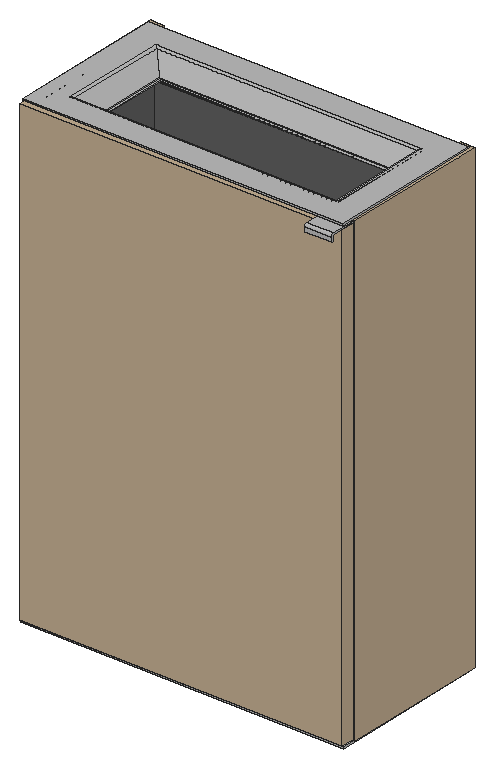
Revit family "Magnuson-Valuta-Laminate_L_VA1809L_JR_WALL-1", category Furniture, Revit 2021
Family settings
  Work Plane-Based = No
  Always vertical = Yes
  Cut with Voids When Loaded = No
  Shared = No
  Room Calculation Point = No
Parameters (values of type "L-VA1809L-JR")
  Width = 9 1/8"
  URL = "www.magnusongroup.com"
  Type Comments = "Valuta"  # constant formula
  Top Finish = MAG - Anodized Silver
  Sustainability = "https://magnusongroup.com/contactus/sustainability.html"
  Revit File Built By = "https://servex-us.com/servex-revit/"
  Model = "L-VA1809L-JR"
  Manufacturer = "Magnuson Group"  # constant formula
  Pull Finish = MAG - Anodized Silver
  Liner Finish = MAG - Plastic Black
  Lid Opening [instance] = Opening : 1. Waste
  Keynote = "12500"
  Height = 26"
  Door Finish = MAG - Oak
  Description = "Wall mounted junior height Laminate 14 gallon body receptacle with internal rigid liner and front access opening."
  Depth = 18"
  Default Elevation = 0"
  Cost = 0  # constant formula
  Body Finish = MAG - Oak
  Base Finish = MAG - Anodized Silver
  Assembly Code = "E2020200"
Reference planes (in)
  plane 1 "Center (Front/Back)": y = 0
  plane 2: z = 0
  plane 3 "Center (Left/Right)": x = 0
  plane 4: z = 29.0967554
  plane 5: z = 3.0968061
  plane 6: z = 3.1568061
  plane 7: z = 19
  plane 8: z = 29.0328552
  plane 9: y = -9.1249999
  plane 10: x = -9.0000077
  plane 11: x = 9.0000077
Forms (in)
  Extrusion 1, solid, material "MAG - Anodized Silver" <- "Base Finish"
    sketch origin (0, -4.5962484, 1.7316035) x (0, -1, 0) y (1, 0, 0)
      loop
        line (-4.465, 8.965) -> (-4.465, -8.965) -> (4.465, -8.965) -> (4.465, 8.965) -> (-4.465, 8.965)
    from 1.3652026 to 1.4252026
  Sweep 2, solid, material "MAG - Anodized Silver" <- "Top Finish"
    path origin (0, -4.5962484, 27.7394795) x (0, -1, 0) y (1, 0, 0)
      loop
        line (-4.46875, 8.8984375) -> (-4.46875, -8.8984375) -> (4.4779029, -8.8984375) -> (4.4779029, 8.8984375) -> (-4.46875, 8.8984375)
    profile origin (0, -0.1274984, 27.7394795) x (0, -1, 0) y (0, 0, 1)
      loop
        line (0.0937494, 1.357276) -> (0.0937494, 1.294776) -> (1.4922066, 1.294776) -> (2.2675205, 0.357276) -> (2.3862359, 0.357276) -> (2.3862359, 0.3931762) -> (1.6451651, 1.2892697)
        arc (1.6451651, 1.2892697) -> (1.5805219, 1.3394246) -> (1.5006747, 1.357276) r 0.1875
        line (1.5006747, 1.357276) -> (0.0937494, 1.357276)
  Extrusion 3, solid, material "MAG - Oak" <- "Body Finish"
    sketch origin (0, -4.5962484, 0) x (1, 0, 0) y (0, 1, 0)
      loop
        line (-9.0000077, 4.5962484) -> (-9.0000077, -3.7187515) -> (-8.2500077, -3.7187515) -> (-8.2500077, 4.5962484) -> (-9.0000077, 4.5962484)
      loop
        line (9.0000077, 4.5962484) -> (8.2500077, 4.5962484) -> (8.2500077, -3.7187515) -> (9.0000077, -3.7187515) -> (9.0000077, 4.5962484)
    from 3.1568061 to 29.0328552
  Extrusion 4, solid, material "MAG - Oak" <- "Body Finish"
    sketch origin (0, -4.5962484, 0) x (1, 0, 0) y (0, 1, 0)
      loop
        line (-8.2500077, 4.2812462) -> (-8.2500077, 3.5312462) -> (8.2500077, 3.5312462) -> (8.2500077, 4.2812462) -> (-8.2500077, 4.2812462)
    from 3.1568061 to 29.0328552
  Extrusion 5, solid, material "MAG - Oak" <- "Door Finish"
    sketch origin (0, -4.5962484, 0) x (1, 0, 0) y (0, 1, 0)
      loop
        line (-8.9375036, -3.7787515) -> (-8.9375036, -4.5287515) -> (8.9375079, -4.5287515) -> (8.9375079, -3.7787515) -> (-8.9375036, -3.7787515)
    from 3.2164051 to 28.904362
  Extrusion 6, solid, material "MAG - Anodized Silver" <- "Pull Finish"
    sketch origin (0, -4.5362483, 0.0595021) x (0, 1, 0) y (0, 0, 1)
      loop
        line (-5.2137516, 28.5298613) -> (-5.2137516, 28.7443316)
        arc (-5.2137516, 28.7443316) -> (-5.1843075, 28.8154159) -> (-5.1132233, 28.8448599) r 0.1005282
        line (-5.1132233, 28.8448599) -> (-3.8387516, 28.8448599) -> (-3.8387516, 27.9048613) -> (-3.7787515, 27.9048613) -> (-3.7787515, 28.904362) -> (-5.1175016, 28.904362)
        arc (-5.1175016, 28.904362) -> (-5.227987, 28.8585974) -> (-5.2737516, 28.748112) r 0.15625
        line (-5.2737516, 28.748112) -> (-5.2737516, 28.5298613) -> (-5.2137516, 28.5298613)
    from 7.4074956 to 8.9062506
  Sweep 7, solid, material "MAG - Plastic Black" <- "Liner Finish"
    path origin (-28.9999923, -4.5962484, 0) x (1, 0, 0) y (0, 1, 0)
      loop
        line (21.7454838, 2.6513885) -> (21.7454838, -2.8218166) -> (36.2545008, -2.8218166) -> (36.2545008, 2.6513885) -> (21.7454838, 2.6513885)
    profile origin (0, -1.9448599, 0) x (0, 1, 0) y (0, 0, 1)
      loop
        line (0, 3.928405) -> (0, 27.657859) -> (-0.13, 27.657859) -> (-0.13, 3.933405) -> (-2.625, 3.933405) -> (-2.625, 3.803405) -> (-0.125, 3.803405)
        arc (-0.125, 3.803405) -> (-0.0366117, 3.8400167) -> (0, 3.928405) r 0.125
  Extrusion 8, solid, material "MAG - Plastic Black" <- "Liner Finish"
    sketch origin (0, -4.5962484, 0) x (1, 0, 0) y (0, 1, 0)
      loop
        line (-4.6295085, -0.1968166) -> (4.6295085, -0.1968166) -> (4.6295085, 0.0263885) -> (-4.6295085, 0.0263885) -> (-4.6295085, -0.1968166)
    from 3.803405 to 3.933405
  Extrusion 9, solid, material "MAG - Anodized Silver" <- "Top Finish"
    sketch origin (0, 0, 0) x (1, 0, 0) y (0, 0, 1)
      loop
        line (-8.8046881, 29.0967554) -> (-8.8988928, 29.0967554) -> (-8.8988928, 29.0342554) -> (-8.8046881, 29.0342554) -> (-8.8046881, 29.0967554)
      loop
        line (8.8046881, 29.0967554) -> (8.8046881, 29.0342554) -> (8.8511079, 29.0342554) -> (8.8511079, 29.0967554) -> (8.8046881, 29.0967554)
    from 0.2212478 to 8.9804019
Cuts and joins
  joined: Sweep 7, Extrusion 8
  joined: Sweep 2, Extrusion 9
Lines and regions (in)
  symbolic lines
    curve 1: line (-9.0000077, 0, 0) -> (9.0000077, 0, 0)
    curve 2: line (-9.0000077, -9.1249999, 0) -> (-9.0000077, 0, 0)
    curve 3: line (9.0000077, -9.1249999, 0) -> (-9.0000077, -9.1249999, 0)
    curve 4: line (9.0000077, 0, 0) -> (9.0000077, -9.1249999, 0)
    curve 5: line (8.9062506, -9.8099999, 0) -> (8.9062506, -9.1249999, 0)
    curve 6: line (8.9062506, -9.8099999, 0) -> (7.4074956, -9.8099999, 0)
    curve 7: line (7.4074956, -9.8099999, 0) -> (7.4074956, -9.1249999, 0)
    curve 8: line (7.4993247, -7.5955645, 0) -> (-7.4993247, -7.5955645, 0)
    curve 9: line (7.4993247, -1.5969323, 0) -> (7.4993247, -7.5955645, 0)
    curve 10: line (-7.4993247, -1.5969323, 0) -> (7.4993247, -1.5969323, 0)
    curve 11: line (-7.4993247, -7.5955645, 0) -> (-7.4993247, -1.5969323, 0)
    curve 12: line (-6.5108067, -2.5137343, 0) -> (6.5108163, -2.5137343, 0)
    curve 13: line (-6.5108067, -6.6879154, 0) -> (-6.5108067, -2.5137343, 0)
    curve 14: line (6.5108163, -6.6879154, 0) -> (-6.5108067, -6.6879154, 0)
    curve 15: line (6.5108163, -2.5137343, 0) -> (6.5108163, -6.6879154, 0)
  symbolic lines, style "FurnitureHiddenLines", detail levels medium+fine
    curve 16: line (-7.2545085, -1.9448599, 0) -> (7.2562031, -1.9448599, 0)
    curve 17: line (-7.2545085, -7.4197497, 0) -> (-7.2545085, -1.9448599, 0)
    curve 18: line (7.2562031, -7.4197497, 0) -> (-7.2545085, -7.4197497, 0)
    curve 19: line (7.2562031, -1.9448599, 0) -> (7.2562031, -7.4197497, 0)
    curve 20: line (7.1245085, -7.288065, 0) -> (-7.1245085, -7.288065, 0)
    curve 21: line (7.1245085, -2.0748599, 0) -> (7.1245085, -7.288065, 0)
    curve 22: line (-7.1245085, -2.0748599, 0) -> (7.1245085, -2.0748599, 0)
    curve 23: line (-7.1245085, -7.288065, 0) -> (-7.1245085, -2.0748599, 0)
Dimensions and locks (in)
  locked: plane 7 to level at 19
  plane 6 to plane 5 to plane 2 = 0.06", 3.09681"
  plane 4 to plane 5 = 25.99995"
  locked: plane 4 to plane 8 at 0.0639003
  plane 10 to plane 11 = 18"
  plane 1 "Center (Front/Back)" to plane 9 = 9 1/8"
  aligned and locked: plane 2 to level
  aligned and locked: Extrusion 1 to plane 5
  aligned and locked: plane 6 to Extrusion 1
  aligned and locked: plane 8 to Extrusion 3
  aligned and locked: Sweep 7 to Extrusion 8  (x2)
Nested families (in)
  nested 1: "Opening" at (0, -4.5962484, 3.3297753) x (0, -1, 0) z (0, 0, 1), Width <- "Width", Depth <- "Depth", Top Finish <- "Top Finish", type <- "Lid Opening", type "1. Waste"
    with Width Waste 0", Width Sec 45° 60", Width Sec 50", Width Paper 45° 40", Width Paper 30", Width Circle 25", Width 9 1/8", W Wasted 11 1/16", Top Finish MAG - Anodized Silver, P2 no, P1 no, Linea PC45° 20", Linea PC 30", Height 26 1/8", Dist Waste 30", Dist Sec 45° 10", Dist Sec 10", Dist Paper 45° 10", Dist Paper 10", Dist Circle 10", Depth 18", D Wasted 11 1/16", C1 no
Definition of nested family "Opening"
  Parameters (values of type "1. Waste")
    Width Waste [instance] = if(Waste, 0", 15")  # 0"
    Width Sec 45° [instance] = if(Security 45°, 0", 60")  # 60"
    Width Sec [instance] = if(Security, 0", 50")  # 50"
    Width Paper 45° [instance] = if(or([Paper 45°/Circle], Paper 45°), 0", 40")  # 40"
    Width Paper [instance] = if(or([Paper/Circle], Paper), 0", 30")  # 30"
    Width Circle [instance] = if(or([Paper/Circle], [Paper 45°/Circle], Circle), 0", 25")  # 25"
    Width [instance] = 18"
    Waste = yes
    W Wasted [instance] = if(and(Width = 14", Depth = 18"), 7 1/8", 11 1/16")  # 11 1/16"
    Top Finish [instance] = none
    Security 45° = no
    Security = no
    Paper 45°/Circle = no
    Paper 45° = no
    P2 [instance] = Paper  # no
    P1 [instance] = Paper 45°  # no
    Linea PC45° [instance] = if([Paper 45°/Circle], 0", 20")  # 20"
    Linea PC [instance] = if([Paper/Circle], 0", 30")  # 30"
    Laminate = yes
    URL = ""
    Type Comments = ""
    Paper/Circle = no
    Paper = no
    Model = ""
    Manufacturer = ""
    Keynote = ""
    Height [instance] = 26 1/8"
    Dist Waste [instance] = if(Waste, 30", 10")  # 30"
    Dist Sec 45° [instance] = if(Security 45°, 30", 10")  # 10"
    Dist Sec [instance] = if(Security, 30", 10")  # 10"
    Dist Paper [instance] = if(or([Paper/Circle], Paper), 30", 10")  # 10"
    Dist Paper 45° [instance] = if(or([Paper 45°/Circle], Paper 45°), 30", 10")  # 10"
    Dist Circle [instance] = if(or([Paper/Circle], [Paper 45°/Circle], Circle), 30", 10")  # 10"
    Description = ""
    Depth [instance] = 18"
    Default Elevation = 0"
    D Wasted [instance] = if(and(Width = 14", Depth = 18"), 11 1/4", 11 1/16")  # 11 1/16"
    Cost = 0  # constant formula
    Circle = no
    C1 [instance] = and(Circle)  # no
    Assembly Code = ""
  Types (4): name | Width Waste | Width Paper | Width Circle | Waste | P2 | Linea PC | Paper/Circle | Paper | Dist Waste | Dist Paper | Dist Circle | Circle | C1
    4. Paper/Circle | 15" | 0" | 0" | no | no | 0" | yes | no | 10" | 30" | 30" | no | no
    3. Circle | 15" | 30" | 0" | no | no | 30" | no | no | 10" | 10" | 30" | yes | yes
    2. Paper | 15" | 0" | 25" | no | yes | 30" | no | yes | 10" | 30" | 10" | no | no
    1. Waste | 0" | 30" | 25" | yes | no | 30" | no | no | 30" | 10" | 10" | no | no
  Reference planes (in)
    plane 1 "Center (Front/Back)": y = 0
    plane 2: z = 0
    plane 3 "Center (Left/Right)": x = 0
    plane 4: y = -9
    plane 5: y = 9
    plane 6: x = -9
    plane 7: x = 9
    plane 8: z = 26.125
    plane 9: z = 3
    plane 10: x = 40
    plane 11: x = 30
    plane 12: x = 25
    plane 13: x = 0
    plane 14: x = -20
    plane 15: x = -30
    plane 16: x = 50
    plane 17: x = 60
  Forms (in)
    Extrusion 1, solid, material <- "Top Finish", visible <- "Laminate"
      sketch origin (0, 0, 0) x (1, 0, 0) y (0, 1, 0)
        loop
          line (-6.7963786, 6.7963786) -> (-6.7963786, -6.7963786) -> (6.7963786, -6.7963786) -> (6.7963786, 6.7963786) -> (-6.7963786, 6.7963786)
      from 24.767724 to 24.8028803
    Extrusion 2, void
      sketch origin (0, 0, 0) x (1, 0, 0) y (0, 1, 0)
        loop
          circle (25, 0) r 1.875
      from 3 to 13
    Extrusion 3, void
      sketch origin (-27, 0, 0) x (1, 0, 0) y (0, 1, 0)
        loop
          line (61.6736769, 3.9121095) -> (70.9121095, -5.3263231) -> (72.5242717, -5.5242717) -> (72.3263231, -3.9121095) -> (63.0878905, 5.3263231) -> (61.4757283, 5.5242717) -> (61.6736769, 3.9121095)
      from 3 to 13
    Extrusion 4, void
      sketch origin (35, 0, 0) x (1, 0, 0) y (0, 1, 0)
        loop
          line (-6, 6) -> (-6, -6) -> (-4, -6) -> (-4, 6) -> (-6, 6)
      from 3 to 13
    Extrusion 5, void
      sketch origin (26, 0, 0) x (1, 0, 0) y (0, 1, 0)
        loop
          line (-27.9168576, 6.346472) -> (-27.9168576, -6.346472) -> (-24.0831424, -6.346472) -> (-24.0831424, 6.346472) -> (-27.9168576, 6.346472)
      from 3 to 33
    Extrusion 6, void
      sketch origin (0, 0, 0) x (1, 0, 0) y (0, 1, 0)
        loop
          line (49.75, 5.5) -> (49.75, -5.5) -> (50.25, -5.5) -> (50.25, 5.5) -> (49.75, 5.5)
      from 3 to 13
    Extrusion 7, void
      sketch origin (0, 0, 0) x (1, 0, 0) y (0, 1, 0)
        loop
          line (54.8669693, 4.7765788) -> (64.7663026, -5.1227545) -> (65.1330519, -5.1337389) -> (65.1220675, -4.7669896) -> (55.2234212, 5.1330307) -> (54.8669693, 5.1330307) -> (54.8669693, 4.7765788)
      from 3 to 13
  Cuts and joins
    Extrusion 2, Extrusion 3, Extrusion 4, Extrusion 5, Extrusion 6, Extrusion 7 cuts Extrusion 1
  Lines and regions (in)
    symbolic lines, visible <- "Paper 45°/Circle"
      curve 1: line (-25.5242717, 5.5242717, 0) -> (-25.3263231, 3.9121095, 0)
      curve 2: line (-25.3263231, 3.9121095, 0) -> (-22.032932, 0.6187184, 0)
      curve 3: line (-23.9121095, 5.3263231, 0) -> (-25.5242717, 5.5242717, 0)
      curve 4: line (-14.6736769, -3.9121095, 0) -> (-17.967068, -0.6187184, 0)
      curve 5: arc (-22.032932, 0.6187184, 0) -> (-21.5026019, -1.5026019, 0) -> (-19.3812816, -2.032932, 0) r 2.125
      curve 6: arc (-17.967068, -0.6187184, 0) -> (-18.4973981, 1.5026019, 0) -> (-20.6187184, 2.032932, 0) r 2.125
      curve 7: line (-16.0878905, -5.3263231, 0) -> (-14.4757283, -5.5242717, 0)
      curve 8: line (-14.4757283, -5.5242717, 0) -> (-14.6736769, -3.9121095, 0)
      curve 9: line (-19.3812816, -2.032932, 0) -> (-16.0878905, -5.3263231, 0)
      curve 10: line (-20.6187184, 2.032932, 0) -> (-23.9121095, 5.3263231, 0)
    symbolic lines, visible <- "Paper/Circle"
      curve 11: line (-31, 1.5860722, 0) -> (-31, 6, 0)
      curve 12: line (-31, 6, 0) -> (-29, 6, 0)
      curve 13: line (-29, 6, 0) -> (-29, 1.5860722, 0)
      curve 14: line (-29, -1.5860722, 0) -> (-29, -6, 0)
      curve 15: line (-29, -6, 0) -> (-31, -6, 0)
      curve 16: line (-31, -6, 0) -> (-31, -1.5860722, 0)
      curve 39: arc (-31, 1.5860722, 0) -> (-31.875, 0, 0) -> (-31, -1.5860722, 0) r 1.875
      curve 40: arc (-29, -1.5860722, 0) -> (-28.125, 0, 0) -> (-29, 1.5860722, 0) r 1.875
    symbolic lines, visible <- "C1"
      curve 17: arc (26.875, 0, 0) -> (25, 1.875, 0) -> (23.125, 0, 0) r 1.875
      curve 18: arc (23.125, 0, 0) -> (25, -1.875, 0) -> (26.875, 0, 0) r 1.875
    symbolic lines, visible <- "P2"
      curve 19: line (29, 6, 0) -> (29, -6, 0)
      curve 20: line (31, -6, 0) -> (31, 6, 0)
      curve 21: line (31, 6, 0) -> (29, 6, 0)
      curve 22: line (29, -6, 0) -> (31, -6, 0)
    symbolic lines, visible <- "P1"
      curve 23: line (34.6736769, 3.9121095, 0) -> (43.9121095, -5.3263231, 0)
      curve 24: line (43.9121095, -5.3263231, 0) -> (45.5242717, -5.5242717, 0)
      curve 25: line (45.5242717, -5.5242717, 0) -> (45.3263231, -3.9121095, 0)
      curve 26: line (45.3263231, -3.9121095, 0) -> (36.0878905, 5.3263231, 0)
      curve 27: line (36.0878905, 5.3263231, 0) -> (34.4757283, 5.5242717, 0)
      curve 28: line (34.4757283, 5.5242717, 0) -> (34.6736769, 3.9121095, 0)
    symbolic lines, visible <- "Security"
      curve 29: line (49.75, 5.5, 0) -> (49.75, -5.5, 0)
      curve 30: line (50.25, 5.5, 0) -> (49.75, 5.5, 0)
      curve 31: line (50.25, -5.5, 0) -> (50.25, 5.5, 0)
      curve 32: line (49.75, -5.5, 0) -> (50.25, -5.5, 0)
    symbolic lines, visible <- "Security 45°"
      curve 33: line (54.8669693, 4.7765788, 0) -> (64.7663026, -5.1227545, 0)
      curve 34: line (64.7663026, -5.1227545, 0) -> (65.1330519, -5.1337389, 0)
      curve 35: line (65.1330519, -5.1337389, 0) -> (65.1220675, -4.7669896, 0)
      curve 36: line (65.1220675, -4.7669896, 0) -> (55.2234212, 5.1330307, 0)
      curve 37: line (54.8669693, 5.1330307, 0) -> (54.8669693, 4.7765788, 0)
      curve 38: line (55.2234212, 5.1330307, 0) -> (54.8669693, 5.1330307, 0)
    symbolic lines, visible <- "Waste"
      curve 41: line (-1.9168576, 6.346472, 0) -> (-1.9168576, -6.346472, 0)
      curve 42: line (1.9168576, -6.346472, 0) -> (1.9168576, 6.346472, 0)
      curve 43: line (1.9168576, 6.346472, 0) -> (-1.9168576, 6.346472, 0)
      curve 44: line (-1.9168576, -6.346472, 0) -> (1.9168576, -6.346472, 0)
  Dimensions and locks (in)
    equal spacing: plane 5, plane 1 "Center (Front/Back)", plane 4
    "Depth": plane 5 to plane 4
    equal spacing: plane 6, plane 3 "Center (Left/Right)", plane 7
    "Width": plane 6 to plane 7
    "Height": plane 8 to plane 2
    locked: Extrusion 1 sketch curve to plane 5 at 2.2036214
    locked: Extrusion 1 sketch curve to plane 7 at 2.2036214
    locked: plane 6 to Extrusion 1 sketch curve at 2.2036214
    locked: Extrusion 1 sketch curve to plane 4 at 2.2036214
    plane 9 to level = 3"
    "Dist Circle": Extrusion 2 to plane 9
    "Dist Paper 45°": Extrusion 3 to plane 9
    "Dist Paper": Extrusion 4 to plane 9
    "Dist Waste": Extrusion 5 to plane 9
    Extrusion 3 sketch curve to Extrusion 3 sketch curve to Extrusion 3 sketch curve to plane 10 to Extrusion 3 sketch curve to Extrusion 3 sketch curve to Extrusion 3 sketch curve = 0.19795" locked, 1.41421" locked, 3.91211" locked, 3.91211" locked, 1.41421" locked, 0.19795" locked
    equal spacing: Extrusion 4 sketch curve, plane 11, Extrusion 4 sketch curve, locked at 1 each
    "Width Paper": plane 3 "Center (Left/Right)" to plane 11
    "Width Circle": plane 3 "Center (Left/Right)" to plane 12
    "Width Waste": plane 3 "Center (Left/Right)" to plane 13
    "Width Paper 45°": plane 3 "Center (Left/Right)" to plane 10
    curve 3 to curve 2 to curve 10 to curve 5 to curve 10 to plane 14 = 0.19795" locked, 1.41421" locked, 1.87918" locked, 1.41421" locked, 0.61872" locked
    plane 14 to curve 9 to curve 6 to curve 9 to curve 8 to curve 8 = 0.61872" locked, 1.41421" locked, 1.87918" locked, 1.41421" locked, 0.19795" locked
    "Linea PC45°": plane 14 to plane 3 "Center (Left/Right)"
    "Linea PC": plane 15 to plane 3 "Center (Left/Right)"
    equal spacing: curve 11, plane 15, curve 13
    equal spacing: curve 16, plane 15, curve 14
    equal spacing: Extrusion 6 sketch curve, plane 16, Extrusion 6 sketch curve, locked at 0.25 each
    Extrusion 6 sketch curve to plane 1 "Center (Front/Back)" to Extrusion 6 sketch curve = 5 1/2" locked, 5 1/2" locked
    "Dist Sec": Extrusion 6 to plane 9
    "Width Sec": plane 3 "Center (Left/Right)" to plane 16
    Extrusion 7 sketch curve to Extrusion 7 sketch curve to Extrusion 7 sketch curve to plane 17 to Extrusion 7 sketch curve to Extrusion 7 sketch curve to Extrusion 7 sketch curve = 0.01098" locked, 0.35576" locked, 4.7663" locked, 4.77658" locked, 0.35645" locked, 0" locked
    Extrusion 7 sketch curve to Extrusion 7 sketch curve to Extrusion 7 sketch curve to plane 1 "Center (Front/Back)" to Extrusion 7 sketch curve to Extrusion 7 sketch curve to Extrusion 7 sketch curve = 0.01098" locked, 0.35576" locked, 4.76699" locked, 4.77658" locked, 0.35645" locked, 0" locked
    "Dist Sec 45°": Extrusion 7 to plane 9
    "Width Sec 45°": plane 3 "Center (Left/Right)" to plane 17
    plane 8 to cut or joined group of Extrusion 1, Extrusion 2, Extrusion 3, Extrusion 4, Extrusion 5, Extrusion 6, Extrusion 7 to cut or joined group of Extrusion 1, Extrusion 2, Extrusion 3, Extrusion 4, Extrusion 5, Extrusion 6, Extrusion 7 = 1.32212" locked, 9/256" locked
    locked: plane 1 "Center (Front/Back)" to Extrusion 4 sketch curve at 6
    locked: Extrusion 4 sketch curve to plane 1 "Center (Front/Back)" at 6
    locked: Extrusion 5 sketch curve to plane 13 at 1.9168576
    locked: plane 13 to Extrusion 5 sketch curve at 1.9168576
    locked: plane 1 "Center (Front/Back)" to Extrusion 5 sketch curve at 6.346472
    locked: Extrusion 5 sketch curve to plane 1 "Center (Front/Back)" at 6.346472
    aligned and locked: level to plane 2
    aligned and locked: Extrusion 2 to plane 9
    aligned and locked: Extrusion 3 to plane 9
    aligned and locked: Extrusion 4 to plane 9
    aligned and locked: Extrusion 5 to plane 9
    aligned and locked: plane 12 to Extrusion 2 sketch curve
    aligned and locked: plane 1 "Center (Front/Back)" to Extrusion 2 sketch curve
    aligned and locked: plane 14 to curve 6
    aligned and locked: plane 1 "Center (Front/Back)" to curve 6
    aligned and locked: plane 14 to curve 5
    aligned and locked: plane 1 "Center (Front/Back)" to curve 5
    aligned and locked: curve 17 to Extrusion 2
    aligned and locked: curve 18 to Extrusion 2
    aligned and locked: Extrusion 4 to curve 19
    aligned and locked: Extrusion 4 to curve 20
    aligned and locked: curve 23 to Extrusion 3
    aligned and locked: curve 24 to Extrusion 3
    aligned and locked: curve 25 to Extrusion 3
    aligned and locked: curve 26 to Extrusion 3
    aligned and locked: curve 27 to Extrusion 3
    aligned and locked: curve 28 to Extrusion 3
    aligned and locked: Extrusion 6 to plane 9
    aligned and locked: curve 29 to Extrusion 6
    aligned and locked: curve 30 to Extrusion 6
    aligned and locked: curve 31 to Extrusion 6
    aligned and locked: curve 32 to Extrusion 6
    aligned and locked: Extrusion 7 to plane 9
    aligned and locked: curve 33 to Extrusion 7
    aligned and locked: curve 34 to Extrusion 7
    aligned and locked: curve 35 to Extrusion 7
    aligned and locked: curve 36 to Extrusion 7
    aligned and locked: curve 37 to Extrusion 7
    aligned and locked: curve 38 to Extrusion 7
    aligned and locked: curve 21 to Extrusion 4
    aligned and locked: curve 22 to Extrusion 4
    aligned and locked: plane 15 to curve 40
    aligned and locked: plane 15 to curve 39
    aligned and locked: plane 1 "Center (Front/Back)" to curve 40
    aligned and locked: plane 1 "Center (Front/Back)" to curve 39
    aligned and locked: curve 41 to Extrusion 5
    aligned and locked: curve 42 to Extrusion 5
    aligned and locked: curve 43 to Extrusion 5
    aligned and locked: curve 44 to Extrusion 5
  Automatic sketch dimensions
    plane 4 to Extrusion 3 sketch curve = 3.47573"
    Extrusion 3 sketch curve to Extrusion 3 sketch curve = 0.19795"  (x2)
    Extrusion 3 sketch curve to Extrusion 3 sketch curve = 1.61216"
    Extrusion 3 sketch curve to plane 1 "Center (Front/Back)" = 3.91211"
    Extrusion 3 sketch curve to Extrusion 3 sketch curve = 1.41421"
    Extrusion 6 sketch curve to plane 16 = 1/4"
    plane 11 to Extrusion 4 sketch curve = 1"
    plane 15 to curve 15 = 1"
    plane 4 to curve 15 = 3"
    plane 4 to curve 8 = 3.47573"
    curve 7 to curve 7 = 0.19795"
    curve 7 to curve 4 = 1.61216"
    plane 1 "Center (Front/Back)" to curve 9 = 2.03293"
    plane 1 "Center (Front/Back)" to curve 4 = 0.61872"
    curve 1 to plane 1 "Center (Front/Back)" = 3.91211"
    curve 1 to curve 10 = 1.41421"
    curve 1 to curve 1 = 1.61216"
    plane 5 to curve 13 = 3"
    curve 11 to plane 1 "Center (Front/Back)" = 1.58607"
    curve 13 to plane 1 "Center (Front/Back)" = 1.58607"
    plane 15 to curve 39 = 1"
    radius of Extrusion 2 sketch curve = 1 7/8"
